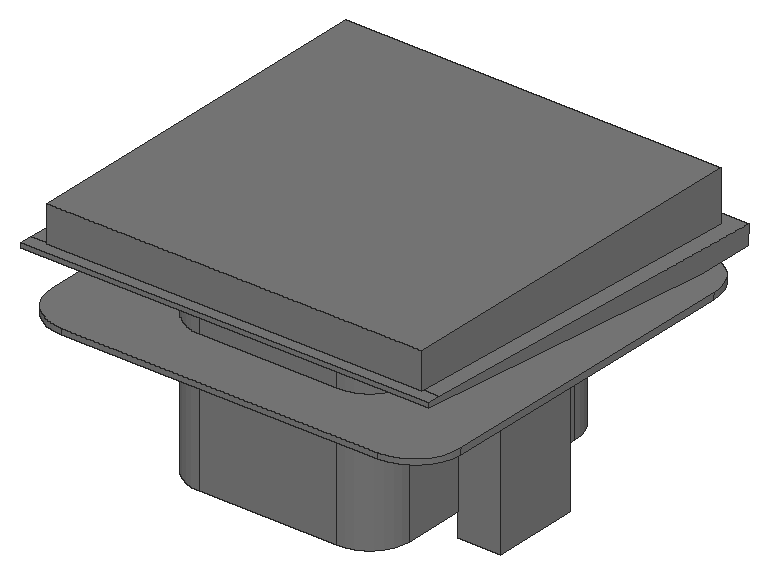
Revit family "Gira_260566", category Electrical Fixtures, host Face, Revit 2017
Family settings
  Host = Face
  Maintain Annotation Orientation = Yes
  Round Connector Dimension = Use Diameter
  Part Type = Normal
  Cut with Voids When Loaded = No
  Shared = No
  Room Calculation Point = No
Parameters (values of type "Gira Keyless In Codetastatur Gira TX_44 (WG UP) Reinweiß")
  Zusammenstellung = "Basiselement mit zentraler Abdeckplatte"
  Werkstoffgüte = "sonstige"
  Werkstoff = "sonstige"
  Waschmaschinenschalter = "Nein"
  Verfügbar = "Ja"
  URL = "http://katalog.gira.de/de_DE/datenblatt.html?artikelnr=260566"
  Transparent = "Nein"
  Textfeld/Beschriftungsfläche = "nein"
  Tastschalter = "Ja"
  Schutzart (IP) = "IP44"
  Schaltungsart = "Serienschalter"
  Rückmeldekontakt = "Nein"
  Region = "DE"
  Oberfläche = "sonstige"
  Nennspannung = "250 Volt"
  Name = "Gira Keyless In Codetastatur Gira TX_44 (WG UP) Reinweiß"
  Montageart = "unter Putz"
  Mit Montageplatte = "Nein"
  Mit Busankopplung = "Ja"
  Manufacturer URL = "https://www.gira.de/"
  Kategorie = "Bussystem-Zutrittskontrolleinrichtung"
  Manufacturer = "Gira"
  HeinzeBIM = "https://bimportal.heinze.de/bim/gira-keyless-in-codetastatur-gira-tx-44-wg-up-reinweiss/0273d9287c857a758faf853dea499fb5239ee759"
  Halogenfrei = "Ja"
  HAN = "260566"
  Geeignet für Schutzart (IP) = "IP44"
  GTIN = "4010337051428"
  Farbe = "weiß"
  Data sheet (1) = "https://katalog.gira.de/de_DE/download.html?artikelnr=260566"
  Category = "Bussystem-Zutrittskontrolleinrichtung"
  Bussystem Powernet = "Nein"
  Bussystem LON = "Nein"
  Bussystem KNX-Funk = "Ja"
  Bussystem KNX = "Nein"
  Bussystem Funkbus = "Nein"
  Description = "Tastschalter 10 AX 250 V~ mit Wippe 2fach Serienschalter Reinweiß Hinweise : - Mit abtastbarer Bedienerführung. - Diebstahlschutz durch optional verschraubbares Klemmstück. Dadurch entfällt das Verdübeln der Abdeckrahmen."
  Bemessungsstrom = "10 Ampere"
  Beleuchtung = "nein"
  Befestigungsart = "Krallen-/Schraubbefestigung"
  Bedienungsart = "Wippe/Taste"
  Keynote = "TX44_Komplettgerät_Schalten und Tasten"
  Default Elevation = 1219.2 mm
  BIM (1) = "https://media.live.bim.site/public/gira/9fde4c0/TX44_Komplettgerät_Schalten und Tasten.rfa?public/gira/9fde4c0/TX44_Komplettgerät_Schalten und Tasten.rfa"
  Available = "Yes"
  Ausführung der Oberfläche = "nicht zutreffend"
  Ausführung = "Codeschloss"
  Anzahl der Module (bei Modulbauweise) = "1 "
  Anzahl der Betätigungswippen = "2 "
  Anschlussart = "Steckklemme"
  Andere Bussysteme = "sonstige"
Reference planes
  plane 1 "Center (Front/Back)": y = 0
  plane 2 "Reference Level 0": z = 0
  plane 3 "Center (Left/Right)": x = 0
  plane 4: z = -28.6
Forms (mm)
  Extrusion 1, solid, material "Default", detail levels fine
    sketch origin (0, 0, 0) x (1, 0, 0) y (0, 1, 0)
      loop
        line (-32.604, 32.5) -> (-32.604, -32.5) -> (32.735, -32.5) -> (32.735, 32.5) -> (-32.604, 32.5)
    from 0 to 12.3
  Extrusion 2, solid, material "Default", detail levels fine
    sketch origin (0, 0, 0) x (0, 1, 0) y (0, 0, 1)
      loop
        line (35, 3.483) -> (-32.2, 6) -> (-34.55, 6) -> (-34.536, 5.199) -> (24.886, 0) -> (34.939, 0) -> (35, 3.483)
    from -35.5 to 35.5
  Extrusion 3, void
    sketch origin (0, 0, 0) x (0, 1, 0) y (0, 0, 1)
      loop
        line (42.419, 3.205) -> (-32.2, 6) -> (-42.193, 6) -> (-42.193, -11.826) -> (42.419, -11.826) -> (42.419, 3.205)
    from -64.194 to 61.264
  Extrusion 4, solid, material "Default", detail levels fine
    sketch origin (0, 0, 0) x (1, 0, 0) y (0, 1, 0)
      loop
        arc (35.5, 27.5) -> (33.157, 33.157) -> (27.5, 35.5) r 8
        line (27.5, 35.5) -> (-27.5, 35.5)
        arc (-27.5, 35.5) -> (-33.157, 33.157) -> (-35.5, 27.5) r 8
        line (-35.5, 27.5) -> (-35.5, -27.5)
        arc (-35.5, -27.5) -> (-33.157, -33.157) -> (-27.5, -35.5) r 8
        line (-27.5, -35.5) -> (27.5, -35.5)
        arc (27.5, -35.5) -> (33.157, -33.157) -> (35.5, -27.5) r 8
        line (35.5, -27.5) -> (35.5, 27.5)
    from -4.1 to -5.1
  Extrusion 5, solid, material "Default", detail levels fine
    sketch origin (0, 0, 0) x (1, 0, 0) y (0, 1, 0)
      loop
        arc (-12, 25) -> (-16.95, 22.95) -> (-19, 18) r 7
        line (-19, 18) -> (-19, -18)
        arc (-19, -18) -> (-16.95, -22.95) -> (-12, -25) r 7
        line (-12, -25) -> (12, -25)
        arc (12, -25) -> (16.95, -22.95) -> (19, -18) r 7
        line (19, -18) -> (19, 18)
        arc (19, 18) -> (16.95, 22.95) -> (12, 25) r 7
        line (12, 25) -> (-12, 25)
    from 4.692 to -28.6
  Extrusion 6, solid, material "Default", detail levels fine
    sketch origin (0, 0, 0) x (1, 0, 0) y (0, 1, 0)
      loop
        line (-26.5, -7.5) -> (-19, -7.5) -> (-19, 7.5) -> (-26.5, 7.5) -> (-26.5, -7.5)
    from -5.1 to -32.6
  Extrusion 7, solid, material "Default", detail levels fine
    sketch origin (0, 0, 0) x (-1, 0, 0) y (0, -1, 0)
      loop
        line (-26.5, 7.5) -> (-26.5, -7.5) -> (-19, -7.5) -> (-19, 7.5) -> (-26.5, 7.5)
    from -5.1 to -32.6
  Extrusion 8, solid, material "Default", detail levels medium
    sketch origin (0, 0, 0) x (1, 0, 0) y (0, 1, 0)
      loop
        line (-32.604, 32.5) -> (-32.604, -32.5) -> (32.735, -32.5) -> (32.735, 32.5) -> (-32.604, 32.5)
    from 0 to 12.3
  Extrusion 9, solid, material "Default", detail levels medium
    sketch origin (0, 0, 0) x (0, 1, 0) y (0, 0, 1)
      loop
        line (35, 3.483) -> (-32.2, 6) -> (-34.55, 6) -> (-34.445, 0) -> (34.939, 0) -> (35, 3.483)
    from -35.5 to 35.5
  Extrusion 10, solid, material "Default", detail levels medium
    sketch origin (0, 0, 0) x (1, 0, 0) y (0, 1, 0)
      loop
        line (-26.5, 25) -> (-26.5, -25) -> (26.5, -25) -> (26.5, 25) -> (-26.5, 25)
    from 4.692 to -32.6
  Extrusion 11, solid, material "Default", detail levels medium
    sketch origin (0, 0, 0) x (1, 0, 0) y (0, 1, 0)
      loop
        line (35.5, 35.5) -> (-35.5, 35.5) -> (-35.5, -35.5) -> (35.5, -35.5) -> (35.5, 35.5)
    from -4.1 to -5.1
  Extrusion 12, solid, material "Default", detail levels coarse
    sketch origin (0, 0, 0) x (1, 0, 0) y (0, 1, 0)
      loop
        line (35.5, 35.5) -> (-35.5, 35.5) -> (-35.5, -35.5) -> (35.5, -35.5) -> (35.5, 35.5)
    from -32.6 to 12.3
Cuts and joins
  Extrusion 3 cuts Extrusion 1
  joined: Extrusion 1, Extrusion 2, Extrusion 4, Extrusion 5, Extrusion 6, Extrusion 7
Dimensions and locks
  Extrusion 12 to Extrusion 12 = 44.9 mm
  aligned and locked: plane 2 "Reference Level 0" to host face
  aligned and locked: level to host face
  aligned and locked: plane 3 "Center (Left/Right)" to nested 1
  aligned and locked: plane 1 "Center (Front/Back)" to nested 1
Nested families
  nested 1: "Schalter" at (0, 0, 0), type "Schalter"
Connectors
  electrical at (0, 0, -32.6)
    settings: on Extrusion 12, index 1, voltage 220 V, apparent load 0 VA, apparent load phase1 0 VA, apparent load phase2 0 VA, apparent load phase3 0 VA, power factor 1, load classification "Other", number of poles 1, system type 30, power factor state 1, is connector primary yes, connector utility no, sub classification motor no, connector description ""
Definition of nested family "Schalter"
  Reference planes
    plane 1: y = 0
    plane 2: x = 0
  Lines and regions (mm)
    detail lines
      curve 1: circle (1.375, 2.778, 0) r 0.8 normal (0, 0, 1)
      curve 2: line (1.021, 2.061, 0) -> (0, 0, 0)
      curve 3: line (0, 0, 0) -> (-0.538, 0.266, 0)
  Dimensions and locks
    curve 2 to curve 2 = 2.3 mm
    curve 3 to curve 2 = 0.6 mm
    radius of curve 1 = 0.8 mm
